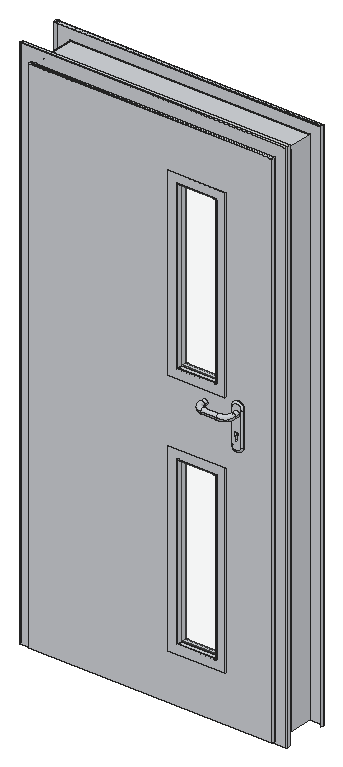
Revit family "Metalowe_5_ość-PS_metal", category Drzwi, Revit 2016
Family settings
  Obiekt nadrzędny = Ściana
  Numer OmniClass = 23.30.10.00
  Tytuł OmniClass = Doors
  Zawsze pionowo = Tak
  Tnij formami wycięć po wczytaniu = Nie
  Współdzielony = Nie
  Punkt obliczania pomieszczeń = Nie
Parameters (values of type "90")
  Zakres szerokości ściany [instance] = (if(and(Grubość ściany > 94 mm, Grubość ściany < 121 mm), "A", if(and(Grubość ściany > 120 mm, Grubość ściany < 146 mm), "B", (if(and(Grubość ściany > 145 mm, Grubość ściany < 171 mm), "C", (if(and(Grubość ściany > 170 mm, Grubość ściany < 196 mm), "D", (if(and(Grubość ściany > 195 mm, Grubość ściany < 221 mm), "E", (if(and(Grubość ściany > 220 mm, Grubość ściany < 246 mm), "F", (if(and(Grubość ściany > 245 mm, Grubość ściany < 271 mm), "G", (if(and(Grubość ściany > 270 mm, Grubość ściany < 296 mm), "H", "BRAK")))))))))))))))  # "C"
  Wysokość brutto = 2070 mm
  Szerokość skrzydła = 944 mm
  Szerokość brutto = 1000 mm
  Producent = "PORTA KMI Poland"  # constant formula
  Model = "Metalowe z ramką 5"
  Materiał szklenie = Szkło
  Materiał skrzydło = none
  Materiał ramka = none
  Materiał ościeżnica = none
  Materiał klamka = none
  Konstrukcja analityczna = "<Brak>"
  Informacja = "Własność Porta KMI Poland, wszelkie prawa zastrzeżone."  # constant formula
  Grubość ściany [instance] = 150 mm
  Funkcja = Wewnętrzna
  Wysokość = 2016 mm
  Zakończenie ściany = Wg obiektu nadrzędnego
  Szerokość = 896 mm
  URL = "www.porta.com.pl"
Types (3, lengths in mm): name | Szerokość skrzydła | Szerokość brutto | Szerokość
  90 | 944 | 1000 | 896
  80 | 844 | 900 | 796
  100 | 1044 | 1100 | 996
Reference planes
  plane 1: y = 0
  plane 2 "Środek (Lewa/Prawa)": x = 0
  plane 3 "Lewy": x = -500
  plane 4 "Prawy": x = 500
  plane 5: z = 2070
  plane 6 "Zewnętrzna": y = 75
  plane 7 "Wewnętrzna": y = -75
  plane 8: x = -448
  plane 9: x = 448
  plane 10: z = 177
  plane 11: z = 1877
  plane 12: y = -105
  plane 13: y = -1049
Forms (mm)
  Sweep 1, solid, material <- "Materiał ościeżnica"
    path in 3D
      loop
        line (-500, -75, 0) -> (-500, -75, 2070) -> (500, -75, 2070) -> (500, -75, 0)
    profile origin (-500, -75, 1035) x (0, -1, 0) y (1, 0, 0)
      loop
        arc (-75.005, 40) -> (-74.126, 37.879) -> (-72.005, 37) r 3
        line (-72.005, 37) -> (-67.005, 37) -> (-67.005, 38.506) -> (-72.005, 38.506)
        arc (-72.005, 38.506) -> (-73.065, 38.946) -> (-73.505, 40.007) r 1.5
        line (-73.505, 40.007) -> (-73.505, 48.993)
        arc (-73.505, 48.993) -> (-73.065, 50.054) -> (-72.005, 50.493) r 1.5
        line (-72.005, 50.493) -> (-16.255, 50.5)
        arc (-16.255, 50.5) -> (-15.505, 49.75) -> (-16.255, 49) r 0.75
        line (-16.255, 49) -> (-22.685, 49.83)
        arc (-22.685, 49.83) -> (-24.656, 49.228) -> (-25.505, 47.35) r 2.5
        line (-25.505, 47.35) -> (-25.505, 38)
        arc (-25.505, 38) -> (-24.773, 36.232) -> (-23.005, 35.5) r 2.5
        line (-23.005, 35.5) -> (12.5, 35.5)
        arc (12.5, 35.5) -> (13.207, 35.207) -> (13.5, 34.5) r 1
        line (13.5, 34.5) -> (13.5, -15.5)
        arc (13.5, -15.5) -> (13.207, -16.207) -> (12.5, -16.5) r 1
        line (12.5, -16.5) -> (0, -16.5) -> (0, -18) -> (12.5, -18)
        arc (12.5, -18) -> (14.268, -17.268) -> (15, -15.5) r 2.5
        line (15, -15.5) -> (15, 34.5)
        arc (15, 34.5) -> (14.268, 36.268) -> (12.5, 37) r 2.5
        line (12.5, 37) -> (-23.005, 37)
        arc (-23.005, 37) -> (-23.712, 37.293) -> (-24.005, 38) r 1
        line (-24.005, 38) -> (-24.005, 47.422)
        arc (-24.005, 47.422) -> (-23.662, 48.175) -> (-22.868, 48.412) r 1
        line (-22.868, 48.412) -> (-16.255, 47.5)
        arc (-16.255, 47.5) -> (-14.005, 49.75) -> (-16.255, 52) r 2.25
        line (-16.255, 52) -> (-72.005, 52)
        arc (-72.005, 52) -> (-74.126, 51.121) -> (-75.005, 49) r 3
        line (-75.005, 49) -> (-75.005, 40)
  Sweep 2, solid, material <- "Materiał ościeżnica"
    path in 3D
      loop
        line (500, 75, 0) -> (500, 75, 2070) -> (-500, 75, 2070) -> (-500, 75, 0)
    profile origin (-500, 75, 1035) x (1, 0, 0) y (0, 1, 0)
      loop
        line (35.5, 12.5) -> (35.5, -115.995) -> (37, -115.995) -> (37, 12.5)
        arc (37, 12.5) -> (36.268, 14.268) -> (34.5, 15) r 2.5
        line (34.5, 15) -> (-15.5, 15)
        arc (-15.5, 15) -> (-17.268, 14.268) -> (-18, 12.5) r 2.5
        line (-18, 12.5) -> (-18, 0) -> (-16.5, 0) -> (-16.5, 12.5)
        arc (-16.5, 12.5) -> (-16.207, 13.207) -> (-15.5, 13.5) r 1
        line (-15.5, 13.5) -> (34.5, 13.5)
        arc (34.5, 13.5) -> (35.207, 13.207) -> (35.5, 12.5) r 1
Lines and regions (mm)
  Opening 1
    outline origin (-3050, -75, 0) x (1, 0, 0) y (0, 0, 1)
      loop
        line (2550, 0) -> (3550, 0) -> (3550, 2070) -> (2550, 2070) -> (2550, 0)
  symbolic lines, style "Ugięcie elewacji"
    curve 1: line (500, -75, 1035) -> (-571.225, -75, 2070)
    curve 2: line (500, -75, 1035) -> (-500, -75, 0)
    curve 3: line (-500, 75, 0) -> (500, 75, 1035)
    curve 4: line (500, 75, 1035) -> (-500, 75, 2001.184)
  sketch lines
    curve 5: line (-500, -75, 0) -> (-500, -75, 2070)
    curve 6: line (-500, -75, 2070) -> (500, -75, 2070)
    curve 7: line (500, -75, 2070) -> (500, -75, 0)
    curve 8: line (-500, 75, 2070) -> (-500, 75, 0)
    curve 9: line (500, 75, 2070) -> (-500, 75, 2070)
    curve 10: line (500, 75, 0) -> (500, 75, 2070)
  symbolic lines
    curve 11: line (-448, -105, 0) -> (-448, -1049, 0)
    curve 12: line (-488, -1049, 0) -> (-448, -1049, 0)
    curve 13: line (-488, -105, 0) -> (-448, -105, 0)
    curve 14: line (-488, -1049, 0) -> (-488, -105, 0)
    curve 15: arc (-448, -1049, 0) -> (204.157, -764.185, 0) -> (472.305, -105, 0) r 944.305
Text (mm)
  text "Zewnętrzna" at (-2295.016, 1099.543, 0), in view "Poziom odniesienia"
  text "Zewnętrzna" at (0, 1615.38, 3698.081), in view "Lewy"
  text "Zewnętrzna" at (0, 1036.032, 3874.932), in view "Prawy"
Dimensions and locks
  equal spacing: plane 3 "Lewy", plane 2 "Środek (Lewa/Prawa)", plane 4 "Prawy"
  "Szerokość brutto": plane 3 "Lewy" to plane 4 "Prawy"
  "Wysokość brutto": plane 5 to host wall
  equal spacing: host wall, curve 2, plane 5
  equal spacing: host wall, curve 4, plane 5
  locked: plane 6 "Zewnętrzna" to host wall at 0
  locked: plane 7 "Wewnętrzna" to host wall
  equal spacing: plane 8, plane 2 "Środek (Lewa/Prawa)", plane 9
  "Szerokość": plane 8 to plane 9
  locked: level to plane 10 at 177
  level to plane 11 = 1877 mm
  locked: plane 7 "Wewnętrzna" to Sweep 2 sketch curve at 34.005
  "Grubość ściany": host wall to host wall
  locked: plane 12 to plane 7 "Wewnętrzna" at 30
  "Szerokość skrzydła": plane 12 to plane 13
  locked: curve 14 to plane 8 at 40
  aligned and locked: plane 3 "Lewy" to Opening 1 sketch curve
  aligned and locked: plane 5 to Opening 1 sketch curve  (x2)
  aligned and locked: Opening 1 sketch curve to plane 4 "Prawy"
  aligned and locked: Opening 1 sketch curve to level
  aligned and locked: plane 5 to curve 1
  aligned and locked: plane 3 "Lewy" to curve 2
  aligned and locked: plane 1 to host wall
  aligned and locked: nested 1 to plane 12
  aligned and locked: plane 2 "Środek (Lewa/Prawa)" to nested 1
  aligned and locked: curve 11 to plane 8
  aligned and locked: curve 12 to plane 13
  aligned and locked: curve 13 to plane 12
Automatic sketch dimensions
  curve 4 to plane 3 "Lewy" = 0 mm
  curve 3 to level = 0 mm
  curve 2 to level = 0 mm
  curve 3 to plane 3 "Lewy" = 0 mm
  curve 3 to plane 4 "Prawy" = 0 mm
  curve 2 to plane 4 "Prawy" = 0 mm
  Sweep 1 sketch curve to Sweep 1 sketch curve = 0 mm  (x21)
  Sweep 1 sketch curve to Sweep 1 sketch curve = 1.5 mm  (x5)
  Sweep 1 sketch curve to Sweep 1 sketch curve = 5 mm
  Sweep 1 sketch curve to Sweep 1 sketch curve = 1 mm  (x4)
  Sweep 1 sketch curve to Sweep 1 sketch curve = 0.137 mm
  Sweep 1 sketch curve to Sweep 1 sketch curve = 0.183 mm
  Sweep 1 sketch curve to Sweep 1 sketch curve = 6.43 mm
  Sweep 1 sketch curve to Sweep 1 sketch curve = 23.005 mm
  Sweep 1 sketch curve to Sweep 1 sketch curve = 12.5 mm
  Sweep 1 sketch curve to Sweep 1 sketch curve = 28.755 mm
  Sweep 1 sketch curve to Sweep 1 sketch curve = 1.494 mm
  Sweep 1 sketch curve to Sweep 1 sketch curve = 0.001 mm
  Sweep 1 sketch curve to Sweep 1 sketch curve = 9.35 mm
  Sweep 1 sketch curve to Sweep 1 sketch curve = 0.071 mm
  Sweep 1 sketch curve to Sweep 1 sketch curve = 0.912 mm
  Sweep 1 sketch curve to Sweep 1 sketch curve = 8.987 mm
  Sweep 1 sketch curve to Sweep 1 sketch curve = 0.007 mm
  Sweep 1 sketch curve to Sweep 1 sketch curve = 41.5 mm
  Sweep 1 sketch curve to Sweep 1 sketch curve = 50 mm
  profile plane to Sweep 1 sketch curve = 75.005 mm
  Sweep 1 sketch curve to profile plane = 18 mm
  Sweep 2 sketch curve to Sweep 2 sketch curve = 0 mm  (x4)
  Sweep 2 sketch curve to profile plane = 12.5 mm
  Sweep 2 sketch curve to profile plane = 18 mm
  Sweep 2 sketch curve to Sweep 2 sketch curve = 1.5 mm
  Sweep 2 sketch curve to Sweep 2 sketch curve = 1 mm  (x2)
  Sweep 2 sketch curve to Sweep 2 sketch curve = 50 mm
  Sweep 2 sketch curve to Sweep 2 sketch curve = 12.5 mm
  curve 15 to plane 12 = 0 mm
  curve 13 to curve 15 = 16 mm
Nested families
  nested 1: "skrzydło" at (0, -105, 8) x (-1, 0, 0) z (0, 0, 1), type "skrzydło"
Definition of nested family "skrzydło"
  Parameters
    Wysokość = 2030 mm
    Szerokość = 944 mm
    Materiał szklenie = none
    Materiał ramka = none
    Materiał klamka = none
    Materiał = none
  Reference planes
    plane 1 "Środek (Przód/Tył)": y = 0
    plane 2: z = 0
    plane 3 "Środek (Lewa/Prawa)": x = 0
    plane 4: z = 2030
    plane 5: x = -472
    plane 6: x = 472
    plane 7: y = 40
    plane 8: x = -342.4
    plane 9: z = 1102
    plane 10: z = 214.5
    plane 11: z = 857.5
    plane 12: x = -257.5
    plane 13: x = -104.5
    plane 14: y = 20
    plane 15: z = 1172.5
    plane 16: z = 1815.5
  Forms (mm)
    Extrusion 1, solid, material <- "Materiał"
      sketch origin (0, 0, 0) x (1, 0, 0) y (0, 0, 1)
        loop
          line (-472, 2030) -> (-472, 0) -> (472, 0) -> (472, 2030) -> (-472, 2030)
      from 0 to -40
    Extrusion 2, void
      sketch origin (0, 0, 0) x (1, 0, 0) y (0, 0, 1)
        loop
          line (-257.5, 214.5) -> (-104.5, 214.5) -> (-104.5, 857.5) -> (-257.5, 857.5) -> (-257.5, 214.5)
        loop
          line (-257.5, 1815.5) -> (-257.5, 1172.5) -> (-104.5, 1172.5) -> (-104.5, 1815.5) -> (-257.5, 1815.5)
      from 0 to -67
    Sweep 3, solid, material <- "Materiał ramka"
      path in 3D
        loop
          line (-257.5, 0, 857.5) -> (-104.5, 0, 857.5) -> (-104.5, 0, 214.5) -> (-257.5, 0, 214.5) -> (-257.5, 0, 857.5)
      profile origin (-257.5, 0, 536) x (0, -1, 0) y (1, 0, 0)
        loop
          line (-18, 1.5) -> (-18, 0.5) -> (-1, 0.5)
          arc (-1, 0.5) -> (-0.293, 0.207) -> (0, -0.5) r 1
          line (0, -0.5) -> (0, -34.5) -> (1, -34.5) -> (1, -0.5)
          arc (1, -0.5) -> (0.414, 0.914) -> (-1, 1.5) r 2
          line (-1, 1.5) -> (-18, 1.5)
    Sweep 4, solid, material <- "Materiał ramka"
      path in 3D
        loop
          line (-104.5, 40, 857.5) -> (-257.5, 40, 857.5) -> (-257.5, 40, 214.5) -> (-104.5, 40, 214.5) -> (-104.5, 40, 857.5)
      profile origin (-104.5, 40, 536) x (0, 1, 0) y (-1, 0, 0)
        loop
          line (-18, 1.5) -> (-18, 0.5) -> (-1, 0.5)
          arc (-1, 0.5) -> (-0.293, 0.207) -> (0, -0.5) r 1
          line (0, -0.5) -> (0, -34.5) -> (1, -34.5) -> (1, -0.5)
          arc (1, -0.5) -> (0.414, 0.914) -> (-1, 1.5) r 2
          line (-1, 1.5) -> (-18, 1.5)
    Extrusion 5, solid, material <- "Materiał szklenie"
      sketch origin (-541.705, 20, 1200) x (-1, 0, 0) y (0, 0, 1)
        loop
          line (-284.205, -342.5) -> (-437.205, -342.5) -> (-437.205, -985.5) -> (-284.205, -985.5) -> (-284.205, -342.5)
        loop
          line (-284.205, 615.5) -> (-437.205, 615.5) -> (-437.205, -27.5) -> (-284.205, -27.5) -> (-284.205, 615.5)
      from -2 to 2
    Sweep 6, void
      path in 3D
        loop
          line (472, 0, 0) -> (472, 0, 2030) -> (-472, 0, 2030) -> (-472, 0, 0)
      profile origin (-472, 0, 1015) x (-1, 0, 0) y (0, -1, 0)
        loop
          line (0, -1.6) -> (0, -12.4)
          arc (0, -12.4) -> (-0.469, -13.531) -> (-1.6, -14) r 1.6
          line (-1.6, -14) -> (-13, -14) -> (-13, -38.4)
          arc (-13, -38.4) -> (-13.469, -39.531) -> (-14.6, -40) r 1.6
          line (-14.6, -40) -> (3.4, -40) -> (3.4, 0) -> (-1.6, 0)
          arc (-1.6, 0) -> (-0.469, -0.469) -> (0, -1.6) r 1.6
    Sweep 7, solid, material <- "Materiał ramka"
      path in 3D
        loop
          line (-257.5, 0, 1815.5) -> (-104.5, 0, 1815.5) -> (-104.5, 0, 1172.5) -> (-257.5, 0, 1172.5) -> (-257.5, 0, 1815.5)
      profile origin (-257.5, 0, 1494) x (0, -1, 0) y (1, 0, 0)
        loop
          line (0, -34.5) -> (1, -34.5) -> (1, -0.5)
          arc (1, -0.5) -> (0.414, 0.914) -> (-1, 1.5) r 2
          line (-1, 1.5) -> (-18, 1.5) -> (-18, 0.5) -> (-1, 0.5)
          arc (-1, 0.5) -> (-0.293, 0.207) -> (0, -0.5) r 1
          line (0, -0.5) -> (0, -34.5)
    Sweep 8, solid, material <- "Materiał ramka"
      path in 3D
        loop
          line (-104.5, 40, 1815.5) -> (-257.5, 40, 1815.5) -> (-257.5, 40, 1172.5) -> (-104.5, 40, 1172.5) -> (-104.5, 40, 1815.5)
      profile origin (-104.5, 40, 1494) x (0, 1, 0) y (-1, 0, 0)
        loop
          line (1, -34.5) -> (1, -0.5)
          arc (1, -0.5) -> (0.414, 0.914) -> (-1, 1.5) r 2
          line (-1, 1.5) -> (-18, 1.5) -> (-18, 0.5) -> (-1, 0.5)
          arc (-1, 0.5) -> (-0.293, 0.207) -> (0, -0.5) r 1
          line (0, -0.5) -> (0, -34.5) -> (1, -34.5)
  Cuts and joins
    Extrusion 2, Sweep 6 cuts Extrusion 1
  Lines and regions (mm)
    sketch lines
      curve 1: line (-257.5, 0, 214.5) -> (-257.5, 0, 857.5)
      curve 2: line (-257.5, 0, 857.5) -> (-104.5, 0, 857.5)
      curve 3: line (-104.5, 0, 214.5) -> (-257.5, 0, 214.5)
      curve 4: line (-104.5, 0, 857.5) -> (-104.5, 0, 214.5)
      curve 5: line (-104.5, 40, 214.5) -> (-104.5, 40, 857.5)
      curve 6: line (-257.5, 40, 214.5) -> (-104.5, 40, 214.5)
      curve 7: line (-257.5, 40, 857.5) -> (-257.5, 40, 214.5)
      curve 8: line (-104.5, 40, 857.5) -> (-257.5, 40, 857.5)
      curve 9: line (-472, 0, 2030) -> (-472, 0, 0)
      curve 10: line (472, 0, 2030) -> (-472, 0, 2030)
      curve 11: line (472, 0, 0) -> (472, 0, 2030)
      curve 12: line (-257.5, 0, 1172.5) -> (-257.5, 0, 1815.5)
      curve 13: line (-104.5, 0, 1172.5) -> (-257.5, 0, 1172.5)
      curve 14: line (-257.5, 0, 1815.5) -> (-104.5, 0, 1815.5)
      curve 15: line (-104.5, 0, 1815.5) -> (-104.5, 0, 1172.5)
      curve 16: line (-104.5, 40, 1172.5) -> (-104.5, 40, 1815.5)
      curve 17: line (-257.5, 40, 1172.5) -> (-104.5, 40, 1172.5)
      curve 18: line (-257.5, 40, 1815.5) -> (-257.5, 40, 1172.5)
      curve 19: line (-104.5, 40, 1815.5) -> (-257.5, 40, 1815.5)
  Dimensions and locks
    "Wysokość": plane 4 to level
    equal spacing: plane 6, plane 3 "Środek (Lewa/Prawa)", plane 5
    "Szerokość": plane 6 to plane 5
    locked: plane 1 "Środek (Przód/Tył)" to plane 7 at 40
    locked: plane 9 to level at 1102
    locked: plane 10 to level at 214.5
    plane 11 to plane 10 = 643 mm
    equal spacing: plane 1 "Środek (Przód/Tył)", plane 14, plane 7
    locked: plane 12 to plane 5 at 214.5
    locked: plane 13 to plane 12 at 153
    locked: plane 15 to level at 1172.5
    locked: plane 16 to plane 15 at 643
    aligned and locked: level to plane 2
    aligned and locked: Extrusion 1 sketch curve to level
    aligned and locked: nested 2 to plane 8
    aligned and locked: plane 8 to nested 1
    aligned and locked: plane 7 to nested 2
    aligned and locked: plane 1 "Środek (Przód/Tył)" to nested 1
    aligned and locked: plane 9 to nested 1
    aligned and locked: nested 2 to plane 9
    aligned and locked: Extrusion 2 sketch curve to plane 10
    aligned and locked: Extrusion 2 sketch curve to plane 11
    aligned and locked: Extrusion 2 sketch curve to plane 12
    aligned and locked: Extrusion 2 sketch curve to plane 13
    aligned and locked: Extrusion 5 sketch curve to plane 11
    aligned and locked: Extrusion 5 sketch curve to plane 10
    aligned and locked: Extrusion 5 sketch curve to plane 13
    aligned and locked: cut or joined group of Extrusion 1, Extrusion 2, Sweep 6 to plane 7
    aligned and locked: Extrusion 1 sketch curve to plane 5
    aligned and locked: Extrusion 1 sketch curve to plane 4
    aligned and locked: plane 6 to Extrusion 1 sketch curve
  Automatic sketch dimensions
    Sweep 6 sketch curve to profile plane = 0 mm  (x2)
    Sweep 6 sketch curve to Sweep 6 sketch curve = 1.6 mm  (x2)
    Sweep 6 sketch curve to profile plane = 1.6 mm
    Sweep 6 sketch curve to profile plane = 13 mm
    profile plane to Sweep 6 sketch curve = 3.4 mm
    Sweep 6 sketch curve to Sweep 6 sketch curve = 10.8 mm
    Sweep 6 sketch curve to Sweep 6 sketch curve = 24.4 mm
    Sweep 3 sketch curve to Sweep 3 sketch curve = 0 mm  (x2)
    Sweep 3 sketch curve to profile plane = 0 mm
    profile plane to Sweep 3 sketch curve = 1 mm
    profile plane to Sweep 3 sketch curve = 1.5 mm
    Sweep 3 sketch curve to Sweep 3 sketch curve = 17 mm
    Sweep 3 sketch curve to profile plane = 0.5 mm
    Sweep 3 sketch curve to Sweep 3 sketch curve = 34 mm
    Extrusion 5 sketch curve to plane 12 = 0 mm
    Sweep 4 sketch curve to Sweep 4 sketch curve = 0 mm  (x2)
    profile plane to Sweep 4 sketch curve = 0 mm
    profile plane to Sweep 4 sketch curve = 0.5 mm
    Sweep 4 sketch curve to Sweep 4 sketch curve = 17 mm
    Sweep 4 sketch curve to Sweep 4 sketch curve = 1 mm
    Sweep 4 sketch curve to profile plane = 0.5 mm
    Sweep 4 sketch curve to Sweep 4 sketch curve = 34 mm
    Extrusion 2 sketch curve to plane 15 = 0 mm
    Extrusion 2 sketch curve to plane 12 = 0 mm
    Extrusion 2 sketch curve to plane 13 = 0 mm
    Extrusion 2 sketch curve to plane 16 = 0 mm
    Extrusion 5 sketch curve to plane 15 = 0 mm
    Extrusion 5 sketch curve to plane 13 = 0 mm
    plane 12 to Extrusion 5 sketch curve = 0 mm
    Extrusion 5 sketch curve to plane 16 = 0 mm
    Sweep 7 sketch curve to profile plane = 0 mm
    Sweep 7 sketch curve to profile plane = 1 mm
    Sweep 7 sketch curve to profile plane = 34.5 mm
    profile plane to Sweep 7 sketch curve = 1 mm
    Sweep 7 sketch curve to profile plane = 0.5 mm
    Sweep 7 sketch curve to Sweep 7 sketch curve = 17 mm
    Sweep 7 sketch curve to Sweep 7 sketch curve = 0 mm  (x2)
    Sweep 8 sketch curve to profile plane = 1 mm
    Sweep 8 sketch curve to profile plane = 34.5 mm
    Sweep 8 sketch curve to profile plane = 0.5 mm
    Sweep 8 sketch curve to Sweep 8 sketch curve = 0 mm  (x2)
    Sweep 8 sketch curve to Sweep 8 sketch curve = 17 mm
    profile plane to Sweep 8 sketch curve = 0.5 mm
    profile plane to Sweep 8 sketch curve = 0 mm
  Nested families
    nested 1: "klamka" at (-342.4, 0, 1102), type "klamka"
    nested 2: "klamka" at (-342.4, 40, 1102), type "klamka"
  Definition of nested family "klamka"
    Parameters
      Materiał = none
    Reference planes
      plane 1 "Środek (Przód/Tył)": y = 0
      plane 2: z = 0
      plane 3 "Środek (Lewa/Prawa)": x = 0
    Forms (mm)
      Extrusion 1, solid, material <- "Materiał"
        sketch origin (0, 0, 0) x (1, 0, 0) y (0, 0, 1)
          loop
            arc (5.25, -79) -> (0, -63.25) -> (-5.25, -79) r 8.75
            line (-5.25, -79) -> (-5.25, -92)
            arc (-5.25, -92) -> (0, -97.25) -> (5.25, -92) r 5.25
            line (5.25, -92) -> (5.25, -79)
          loop
            arc (-22.5, -112) -> (0, -134.5) -> (22.5, -112) r 22.5
            line (22.5, -112) -> (22.5, 18)
            arc (22.5, 18) -> (0, 40.5) -> (-22.5, 18) r 22.5
            line (-22.5, 18) -> (-22.5, -112)
        from 0 to 8
      Sweep 2, void
        path in 3D
          loop
            arc (-22.5, -8, -112) -> (0, -8, -134.5) -> (22.5, -8, -112) r 22.5
            line (22.5, -8, -112) -> (22.5, -8, 18)
            arc (22.5, -8, 18) -> (0, -8, 40.5) -> (-22.5, -8, 18) r 22.5
            line (-22.5, -8, 18) -> (-22.5, -8, -112)
        profile origin (-22.5, -8, -47) x (-1, 0, 0) y (0, -1, 0)
          loop
            arc (-5, 0) -> (-1.464, -1.464) -> (0, -5) r 5
            line (0, -5) -> (0, 0) -> (-5, 0)
      Sweep 3, solid, material <- "Materiał"
        path origin (0, 0, 0) x (1, 0, 0) y (0, 1, 0)
          loop
            line (0, -8) -> (0, -28)
            arc (0, -28) -> (8.787, -49.213) -> (30, -58) r 30
            line (30, -58) -> (90, -58)
            arc (90, -58) -> (111.213, -49.213) -> (120, -28) r 30
            line (120, -28) -> (120, -13)
        profile origin (0, -18, 0) x (1, 0, 0) y (0, 0, 1)
          loop
            circle (0, 0) r 10
    Cuts and joins
      Sweep 2 cuts Extrusion 1
    Lines and regions (mm)
      sketch lines
        curve 1: line (-22.5, -8, 18) -> (-22.5, -8, -112)
        curve 2: arc (-22.5, -8, 18) -> (0, -8, 40.5) -> (22.5, -8, 18) r 22.5
        curve 3: line (22.5, -8, -112) -> (22.5, -8, 18)
        curve 4: arc (22.5, -8, -112) -> (0, -8, -134.5) -> (-22.5, -8, -112) r 22.5
    Dimensions and locks
      aligned and locked: level to plane 2
      aligned and locked: Extrusion 1 to Sweep 2 sketch curve
      aligned and locked: profile plane to Sweep 2 sketch curve
